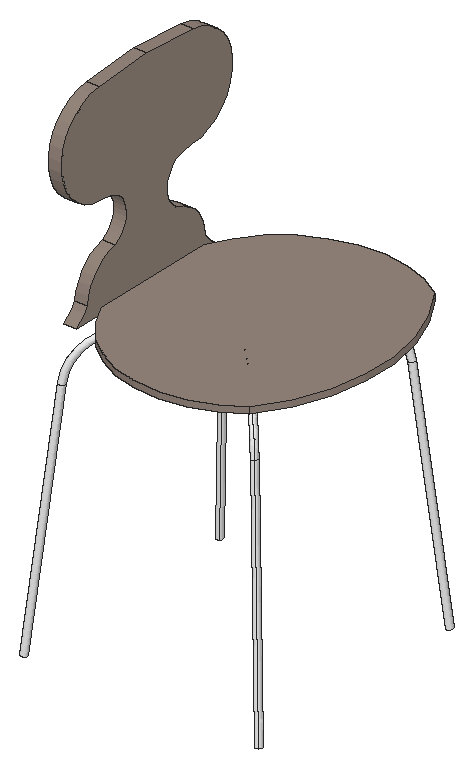
Revit family "Chair 2", category Furniture, Revit 2026
Family settings
  Work Plane-Based = No
  Enable Cutting in Views = No
  Always vertical = Yes
  Cut with Voids When Loaded = No
  Render Appearance Source = Family Geometry
  Shared = No
  Room Calculation Point = No
Parameters
  Keynote = "12600"
  Manufacturer = ""
  Default Elevation = 0 mm
  Bracket Material = Herman Miller - Finish 47 Trivalent Chrome
  Model = ""
  Cushion/Chair Back Material = Herman Miller - Veneer Z5 Maple
Reference planes
  plane 1 "Center F/B": y = -198.997
  plane 2: z = 0
  plane 3 "Center L/R": x = -1.022
Forms (mm)
  Sweep 1, solid, material "Herman Miller - Finish 47 Trivalent Chrome" <- "Bracket Material"
    path origin (61.052, -65.204, 45) x (0, 0, -1) y (0.707107, -0.707107, 0)
      loop
        line (45, -82.843) -> (-332.364, -36.508)
        arc (-332.364, -36.508) -> (-382.531, -10.114) -> (-402.615, 42.895) r 80
        line (-402.615, 42.895) -> (-402.615, 181.322)
    profile origin (18.855, -23.007, 188.682) x (-0.701836, 0.701836, 0.121869) y (-0.707107, -0.707107, 0)
      loop
        circle (0, 0) r 5
  Sweep 2, solid, material "Herman Miller - Finish 47 Trivalent Chrome" <- "Bracket Material"
    path origin (57.516, -325.168, 45) x (0, 0, -1) y (0.707107, 0.707107, 0)
      loop
        line (45, -82.843) -> (-332.364, -36.508)
        arc (-332.364, -36.508) -> (-382.531, -10.114) -> (-402.615, 42.895) r 80
        line (-402.615, 42.895) -> (-402.615, 181.322)
    profile origin (15.319, -367.364, 188.682) x (-0.701836, -0.701836, 0.121869) y (0.707107, -0.707107, 0)
      loop
        circle (0, 0) r 5
  Sweep 3, solid, material "Herman Miller - Finish 47 Trivalent Chrome" <- "Bracket Material"
    path origin (303.338, -65.204, 45) x (0, 0, -1) y (0.707107, 0.707107, 0)
      loop
        line (45, 82.843) -> (-332.364, 36.508)
        arc (-332.364, 36.508) -> (-382.531, 10.114) -> (-402.615, -42.895) r 80
        line (-402.615, -42.895) -> (-402.615, -181.322)
    profile origin (345.535, -23.007, 188.682) x (0.701836, 0.701836, 0.121869) y (-0.707107, 0.707107, 0)
      loop
        circle (0, 0) r 5
  Sweep 4, solid, material "Herman Miller - Finish 47 Trivalent Chrome" <- "Bracket Material"
    path origin (306.873, -325.168, 45) x (0, 0, -1) y (0.707107, -0.707107, 0)
      loop
        line (45, 82.843) -> (-332.364, 36.508)
        arc (-332.364, 36.508) -> (-382.531, 10.114) -> (-402.615, -42.895) r 80
        line (-402.615, -42.895) -> (-402.615, -181.322)
    profile origin (349.07, -367.364, 188.682) x (0.701836, -0.701836, 0.121869) y (0.707107, 0.707107, 0)
      loop
        circle (0, 0) r 5
  Extrusion 5, solid, material "Herman Miller - Veneer Z5 Maple" <- "Cushion/Chair Back Material"
    sketch origin (0, 0, 0) x (1, 0, 0) y (0, 1, 0)
      loop
        arc (340, -9.099) -> (152.776, 17.913) -> (32.728, -128.274) r 192.616
        line (32.728, -128.274) -> (32.728, -249.923)
        arc (32.728, -249.923) -> (152.776, -396.11) -> (340, -369.099) r 192.616
        arc (340, -369.099) -> (400.673, -189.099) -> (340, -9.099) r 297.34
    from 450 to 460
  Extrusion 6, solid, material "Herman Miller - Veneer Z5 Maple" <- "Cushion/Chair Back Material"
    sketch origin (390, -409.099, -27.081) x (0, 0, -1) y (0, 1, 0)
      loop
        arc (-498.809, 95.839) -> (-486.21, 86.065) -> (-477.081, 72.99) r 53.087
        line (-477.081, 72.99) -> (-477.081, 347.212)
        arc (-477.081, 347.212) -> (-486.21, 334.138) -> (-498.809, 324.364) r 53.087
        arc (-498.809, 324.364) -> (-539.073, 308.301) -> (-561.143, 270.989) r 67.175
        arc (-561.143, 270.989) -> (-601.737, 249.17) -> (-634.197, 281.887) r 38.521
        line (-634.197, 281.887) -> (-636.604, 298.938)
        arc (-636.604, 298.938) -> (-714.694, 376.726) -> (-796.127, 302.444) r 79.872
        line (-796.127, 302.444) -> (-802.584, 210.101) -> (-796.127, 117.759)
        arc (-796.127, 117.759) -> (-714.694, 43.477) -> (-636.604, 121.265) r 79.872
        line (-636.604, 121.265) -> (-634.197, 138.316)
        arc (-634.197, 138.316) -> (-601.737, 171.033) -> (-561.143, 149.213) r 38.521
        arc (-561.143, 149.213) -> (-539.073, 111.901) -> (-498.809, 95.839) r 67.175
    from -367.272 to -347.272
Dimensions and locks
  aligned and locked: plane 1 "Center F/B" to Extrusion 6
